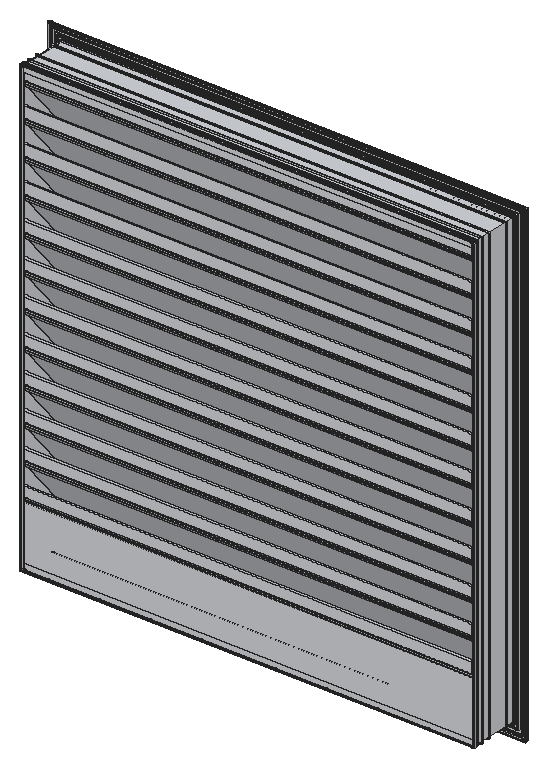
Revit family "NLRS_00_GM_Geluiddempend muurrooster_ST-448-225_Storax", category Generic Models, Revit 2021
Family settings
  Can host rebar = No
  Round Connector Dimension = Use Diameter
  Part Type = Normal
  Work Plane-Based = Yes
  Always vertical = No
  Cut with Voids When Loaded = Yes
  Shared = No
  Room Calculation Point = No
Parameters
  Width Rooster [instance] = (Width Hulp - Rooster Start - Rooster End)  # 1972 mm
  Width Hulp [instance] = if(Width < 200 mm, 200 mm, Width)  # 2000 mm
  Width [instance] = 2000 mm
  Type Comments = "ST-445-86"
  Thickness wall = 550 mm
  Thickness = 7.7 mm
  Rooster Start = 14 mm
  Rooster End = Rooster Start  # 14 mm
  WARNING [instance] = if(Blade Spacing > 150 mm, "LET OP MAXIMALE AFSTAND OVERSCHREDEN, NEEM CONTACT OP MET STORAX", "")  # ""
  Length Hoekprofiel [instance] = Width - Thickness * 2  # 1984.6 mm
  Height Rooster [instance] = (Height Hulp - 150 mm)  # 1850 mm
  Height Hulp [instance] = if(Height < 328.5 mm, 328.5 mm, Height)  # 2000 mm
  Height [instance] = 2000 mm
  Default Elevation = 1219.2 mm
  Blade Spacing [instance] = 150 mm
  Blade Offset Bottom [instance] = 11 mm
  Blade Number MODIFIER [instance] = -1
Reference planes
  plane 1 "Center (Front/Back)": y = 0
  plane 2 "Bottom": z = 0
  plane 3 "Left": x = 0
  plane 4 "Right": x = 2000
  plane 5: x = 14
  plane 6: x = 1986
  plane 7 "Top": z = 2000
Forms (mm)
  Sweep 1, solid
    path origin (0, 0, 0) x (1, 0, 0) y (0, 0, 1)
      loop
        line (0, 2000) -> (0, 0) -> (2000, 0) -> (2000, 2000) -> (0, 2000)
    profile "Profiel_ST-446-225 : Profiel_ST-446-225" origin (1000, 0, 2000) x (0, 0, 1) y (0, -1, 0)
      loop
        line (-1, 44.2) -> (-5.5, 44.2) -> (-5.5, 130.2) -> (-1, 130.2)
        arc (-1, 130.2) -> (-0.293, 130.493) -> (0, 131.2) r 1
        line (0, 131.2) -> (0, 134.1)
        arc (0, 134.1) -> (-0.293, 134.807) -> (-1, 135.1) r 1
        line (-1, 135.1) -> (-2.1, 135.1) -> (-2.1, 132.4) -> (-5.5, 132.4) -> (-5.5, 174.4) -> (-2.1, 174.4) -> (-2.1, 171.7) -> (-1, 171.7)
        arc (-1, 171.7) -> (-0.293, 171.993) -> (0, 172.7) r 1
        line (0, 172.7) -> (0, 175.6)
        arc (0, 175.6) -> (-0.293, 176.307) -> (-1, 176.6) r 1
        line (-1, 176.6) -> (-5.5, 176.6) -> (-5.5, 200.3) -> (-2.4, 200.3) -> (-2.4, 199.342)
        arc (-2.4, 199.342) -> (-1.994, 198.874) -> (-1.4, 198.7) r 1.1
        arc (-1.4, 198.7) -> (-0.693, 198.993) -> (-0.4, 199.7) r 1
        line (-0.4, 199.7) -> (-0.4, 203.2)
        arc (-0.4, 203.2) -> (-0.693, 203.907) -> (-1.4, 204.2) r 1
        line (-1.4, 204.2) -> (-2.4, 204.2) -> (-2.4, 202.3) -> (-5.7, 202.3) -> (-5.7, 212.7) -> (-2.35, 212.7) -> (-2.35, 210.8) -> (-1.4, 210.8)
        arc (-1.4, 210.8) -> (-0.693, 211.093) -> (-0.4, 211.8) r 1
        line (-0.4, 211.8) -> (-0.4, 218.7)
        arc (-0.4, 218.7) -> (-0.734, 219.446) -> (-1.513, 219.694) r 1
        arc (-1.513, 219.694) -> (-1.992, 219.554) -> (-2.2, 219.1) r 0.6
        line (-2.2, 219.1) -> (-2.2, 214.7) -> (-6.2, 214.7) -> (-6.2, 217.334)
        arc (-6.2, 217.334) -> (-6.2, 219.066) -> (-7.7, 218.2) r 1
        line (-7.7, 218.2) -> (-7.7, -10.8) -> (51.037, -10.8)
        arc (51.037, -10.8) -> (51.61, -10.619) -> (51.976, -10.142) r 1
        line (51.976, -10.142) -> (54.314, -3.719) -> (53.425, 1.326) -> (52.454, 1.172)
        arc (52.454, 1.172) -> (51.796, 0.765) -> (51.626, 0.011) r 1
        line (51.626, 0.011) -> (51.945, -1.8) -> (47.672, -1.8)
        arc (47.672, -1.8) -> (46.912, -2.15) -> (46.684, -2.956) r 1
        arc (46.684, -2.956) -> (46.588, -3.498) -> (47.047, -3.8) r 0.5
        line (47.047, -3.8) -> (52.156, -3.8) -> (50.336, -8.8) -> (36.049, -8.8) -> (36.049, -4.4) -> (37.151, -4.4)
        arc (37.151, -4.4) -> (37.607, -4.104) -> (37.524, -3.567) r 0.5
        arc (37.524, -3.567) -> (37.257, -2.817) -> (36.526, -2.5) r 1
        line (36.526, -2.5) -> (35.049, -2.5)
        arc (35.049, -2.5) -> (34.34, -2.794) -> (34.049, -3.504) r 1
        line (34.049, -3.504) -> (34.053, -4.6) -> (32.544, -4.6) -> (32.544, -6.6) -> (34.054, -6.6) -> (34.049, -8.8) -> (17.749, -8.8) -> (17.754, -6.6) -> (19.244, -6.6) -> (19.244, -4.6) -> (17.755, -4.6) -> (17.749, -0.998)
        arc (17.749, -0.998) -> (17.455, -0.292) -> (16.749, 0) r 1
        line (16.749, 0) -> (12.449, 0)
        arc (12.449, 0) -> (11.742, -0.293) -> (11.449, -1) r 1
        line (11.449, -1) -> (11.449, -2) -> (15.749, -2) -> (15.749, -8.8) -> (-1.439, -8.8)
        arc (-1.439, -8.8) -> (-2.1, -8.55) -> (-2.761, -8.8) r 1
        line (-2.761, -8.8) -> (-5.5, -8.8) -> (-5.5, -3)
        arc (-5.5, -3) -> (-5.207, -2.293) -> (-4.5, -2) r 1
        line (-4.5, -2) -> (3.349, -2) -> (3.349, -1)
        arc (3.349, -1) -> (3.056, -0.293) -> (2.349, 0) r 1
        line (2.349, 0) -> (0, 0) -> (0, 1.7)
        arc (0, 1.7) -> (-0.293, 2.407) -> (-1, 2.7) r 1
        line (-1, 2.7) -> (-2.1, 2.7) -> (-2.1, 0) -> (-5.5, 0) -> (-5.5, 42) -> (-2.1, 42) -> (-2.1, 39.3) -> (-1, 39.3)
        arc (-1, 39.3) -> (-0.293, 39.593) -> (0, 40.3) r 1
        line (0, 40.3) -> (0, 43.2)
        arc (0, 43.2) -> (-0.293, 43.907) -> (-1, 44.2) r 1
  Extrusion 2, solid
    sketch origin (654, -75, 22.894) x (0, 0, 1) y (0, -1, 0)
      loop
        line (-8.12, -79.9) -> (251.802, 138.2) -> (-13.194, 138.2) -> (-13.194, -79.9) -> (-8.12, -79.9)
    from -646.3 to 1338.3
  Extrusion 3, void
    sketch origin (0, 0, 0) x (1, 0, 0) y (0, 1, 0)
      loop
        line (2000, -550) -> (2000, 0) -> (0, 0) -> (0, -550) -> (2000, -550)
    from 0 to 2000
Dimensions and locks
  "Width": plane 4 "Right" to plane 3 "Left"
  "Rooster Start": plane 5 to plane 3 "Left"
  "Rooster End": plane 4 "Right" to plane 6
  "Height Hulp": plane 7 "Top" to level
  Sweep 1 to Sweep 1 = 1984.6 mm
  "Blade Offset Bottom": nested 1 to plane 2 "Bottom"
  "Thickness": Sweep 1 to plane 2 "Bottom"
  "Thickness wall": plane 1 "Center (Front/Back)" to Extrusion 3 sketch curve
  aligned and locked: level to plane 2 "Bottom"
  aligned and locked: nested 1 to plane 5
  aligned and locked: Sweep 1 to nested 3  (x3)
  aligned and locked: nested 5 to Sweep 1  (x3)
  aligned and locked: Sweep 1 to nested 4  (x3)
  aligned and locked: Extrusion 2 sketch curve to nested 2
  aligned and locked: Extrusion 2 to Sweep 1  (x2)
  aligned and locked: nested 2 to Sweep 1
  aligned and locked: plane 3 "Left" to Extrusion 3 sketch curve
  aligned and locked: Extrusion 3 sketch curve to plane 4 "Right"
  aligned and locked: plane 7 "Top" to Extrusion 3
  aligned and locked: Extrusion 3 to level
  aligned and locked: plane 1 "Center (Front/Back)" to Extrusion 3 sketch curve
Automatic sketch dimensions
  Sweep 1 sketch curve to level = 0 mm
  Sweep 1 sketch curve to plane 3 "Left" = 0 mm
  Sweep 1 sketch curve to plane 4 "Right" = 0 mm
  Sweep 1 sketch curve to plane 7 "Top" = 0 mm
  Extrusion 2 sketch curve to plane 1 "Center (Front/Back)" = 4.9 mm
  plane 1 "Center (Front/Back)" to Extrusion 2 sketch curve = 213.2 mm
  Extrusion 2 sketch curve to Extrusion 2 sketch curve = 5.074 mm
  Extrusion 2 sketch curve to Extrusion 2 sketch curve = 264.996 mm
Nested families
  nested 1: "NLRS_21_GM_Lamellenrooster_ST-448-225" at (1000, 8.8, 174.944) x (0, -1, 0) z (0, 0, 1), Blade Spacing <- "Blade Spacing", Blade Number MODIFIER <- "Blade Number MODIFIER", Length <- "Height Rooster", Width <- "Width Rooster", type "NLRS_21_GM_Lamellenrooster_ST-150-ACS"
    with Width 1972 mm, Length 1850 mm, Blade Spacing 150 mm, Blade Number MODIFIER -1, Blade Number 11
  nested 2: "NLRS_00_GM_Hoekprofiel 20x20x2" at (1992.3, -215.2, 7.7) x (-1, 0, 0) z (0, 0, 1), Length <- "Length Hoekprofiel", type "NLRS_00_GM_Hoekprofiel 20x20x2"
    with Length 1984.6 mm
  nested 3: "NLRS_00_GM_Hoekprofiel 20x20x2" at (1992.3, 6.9, 7.7) x (-1, 0, 0) z (0, 0, 1), Length <- "Length Hoekprofiel", type "NLRS_00_GM_Hoekprofiel 20x20x2"
    with Length 1984.6 mm
  nested 4: "NLRS_00_GM_Hoekprofiel 20x20x2" at (1992.3, -215.2, 1992.3) x (-1, 0, 0) z (0, 0, -1), Length <- "Length Hoekprofiel", type "NLRS_00_GM_Hoekprofiel 20x20x2"
    with Length 1984.6 mm
  nested 5: "NLRS_00_GM_Hoekprofiel 80x20x2" at (1992.3, 6.9, 1992.3) x (-1, 0, 0) z (0, 0, -1), Length <- "Length Hoekprofiel", type "NLRS_00_GM_Hoekprofiel 80x20x2"
    with Length 1984.6 mm
Definition of nested family "NLRS_21_GM_Lamellenrooster_ST-448-225"
  Parameters (values of type "NLRS_21_GM_Lamellenrooster_ST-150-ACS")
    Width [instance] = 600 mm
    Length [instance] = 1000 mm
    Default Elevation = 0 mm
    Blade Spacing [instance] = 147 mm
    Blade Number MODIFIER [instance] = -2
    Blade Number [instance] = (Length / Blade Spacing) + Blade Number MODIFIER  # 5
  Reference planes
    plane 1 "Center (Front/Back)": y = 0
    plane 2: z = 0
    plane 3 "Center (Left/Right)": x = 0
    plane 4: z = 1000
    plane 5: z = 0
    plane 6: z = 0
    plane 7: z = 150
    plane 8: z = 147
    plane 9: z = 297
    plane 10: z = 294
    plane 11: z = 444
    plane 12: z = 441
    plane 13: z = 591
    plane 14: z = 588
    plane 15: z = 738
  Dimensions and locks
    "Length": plane 4 to level
    equal spacing: group 1, group 2, group 3, group 4, group 5  (x3)
    "Blade Spacing": plane 8 to level
    aligned and locked: level to plane 2
  Nested families
    nested 1: "NLRS_00_GM_PRF_ST-448-225" at (0, 0, 0) x (0, -1, 0) z (0, 0, 1), Width <- "Width", type "NLRS_00_GM_PRF_Rooster"
      with Width 600 mm, Length 500 mm
    nested 2: "NLRS_00_GM_PRF_ST-448-225" at (0, 0, 147) x (0, -1, 0) z (0, 0, 1), Width <- "Width", type "NLRS_00_GM_PRF_Rooster"
      with Width 600 mm, Length 500 mm
    nested 3: "NLRS_00_GM_PRF_ST-448-225" at (0, 0, 294) x (0, -1, 0) z (0, 0, 1), Width <- "Width", type "NLRS_00_GM_PRF_Rooster"
      with Width 600 mm, Length 500 mm
    nested 4: "NLRS_00_GM_PRF_ST-448-225" at (0, 0, 441) x (0, -1, 0) z (0, 0, 1), Width <- "Width", type "NLRS_00_GM_PRF_Rooster"
      with Width 600 mm, Length 500 mm
    nested 5: "NLRS_00_GM_PRF_ST-448-225" at (0, 0, 588) x (0, -1, 0) z (0, 0, 1), Width <- "Width", type "NLRS_00_GM_PRF_Rooster"
      with Width 600 mm, Length 500 mm
    nested 6: "NLRS_00_GM_ST-448-225" at (0, 0, -163.944) x (0, -1, 0) z (0, 0, 1), Width <- "Width", type "NLRS_00_GM_PRF_ST-448-225"
      with Width 600 mm, Length 500 mm
  Definition of nested family "NLRS_00_GM_PRF_ST-448-225"
    Parameters (values of type "NLRS_00_GM_PRF_Rooster")
      Width [instance] = 900 mm
      Length [instance] = 500 mm
      Default Elevation = 0 mm
      Connector width = 232.51 mm
    Reference planes
      plane 1 "Center (Front/Back)": y = 0
      plane 2: z = 0
      plane 3 "Center (Left/Right)": x = 0
      plane 4: x = -450
      plane 5: x = 450
    Forms (mm)
      Sweep 1, solid
        path origin (0, 0, 0) x (1, 0, 0) y (0, 1, 0)
          loop
            line (450, 0) -> (-450, 0)
        profile "NLRS_00_GM_PRF_Akoestische Rooster : NLRS_00_GM_PRF_Akoestische Rooster" origin (0, 0, 0) x (0, -1, 0) y (0, 0, 1)
          loop
            line (0, 52.19) -> (0, 0.5)
            arc (0, 0.5) -> (0.259, 0.062) -> (0.767, 0.077) r 0.5
            line (0.767, 0.077) -> (1.9, 0.793) -> (1.9, 2.096)
            arc (1.9, 2.096) -> (2.099, 2.495) -> (2.537, 2.577) r 0.5
            arc (2.537, 2.577) -> (3.996, 2.477) -> (5.368, 2.982) r 3.5
            line (5.368, 2.982) -> (29.703, 18.345) -> (36.681, 26.661) -> (35.225, 27.882) -> (206.713, 232.253) -> (208.169, 231.032) -> (222.117, 247.655) -> (220.891, 248.684) -> (215.883, 242.715)
            arc (215.883, 242.715) -> (215.329, 242.566) -> (215, 243.036) r 0.5
            line (215, 243.036) -> (215, 252.553) -> (221.532, 260.337)
            arc (221.532, 260.337) -> (221.879, 260.939) -> (222, 261.623) r 2
            line (222, 261.623) -> (222, 309.281)
            arc (222, 309.281) -> (220.026, 312.1) -> (216.702, 311.209) r 3
            line (216.702, 311.209) -> (0.491, 53.539)
            arc (0.491, 53.539) -> (0.127, 52.908) -> (0, 52.19) r 2.1
    Dimensions and locks
      equal spacing: plane 5, plane 3 "Center (Left/Right)", plane 4
      "Width": plane 5 to plane 4
      aligned and locked: level to plane 2
      aligned and locked: plane 4 to Sweep 1 sketch curve
      aligned and locked: plane 5 to Sweep 1 sketch curve
    Automatic sketch dimensions
      plane 1 "Center (Front/Back)" to Sweep 1 sketch curve = 0 mm
  Definition of nested family "NLRS_00_GM_ST-448-225"
    Parameters (values of type "NLRS_00_GM_PRF_Rooster")
      Width [instance] = 900 mm
      Length [instance] = 500 mm
      Default Elevation = 0 mm
      Connector width = 232.51 mm
    Reference planes
      plane 1 "Center (Front/Back)": y = 0
      plane 2: z = 0
      plane 3 "Center (Left/Right)": x = 0
      plane 4: x = -450
      plane 5: x = 450
    Forms (mm)
      Sweep 1, solid
        path origin (0, 0, 0) x (1, 0, 0) y (0, 1, 0)
          loop
            line (450, 0) -> (-450, 0)
        profile "NLRS_00_GM_PRF_Akoestische Rooster : NLRS_00_GM_PRF_Akoestische Rooster" origin (0, 0, 0) x (0, -1, 0) y (0, 0, 1)
          loop
            line (0.883, 0.179) -> (1.9, 1.391) -> (1.9, 18.276)
            arc (1.9, 18.276) -> (2.099, 18.675) -> (2.538, 18.757) r 0.5
            arc (2.538, 18.757) -> (4.524, 18.775) -> (6.181, 19.872) r 3.5
            line (6.181, 19.872) -> (18.477, 34.525) -> (26.542, 34.525)
            arc (26.542, 34.525) -> (26.995, 34.237) -> (26.925, 33.704) r 0.5
            line (26.925, 33.704) -> (22.149, 28.012) -> (23.375, 26.984) -> (222.117, 263.835) -> (220.891, 264.864) -> (215.883, 258.895)
            arc (215.883, 258.895) -> (215.329, 258.746) -> (215, 259.216) r 0.5
            line (215, 259.216) -> (215, 268.733) -> (221.532, 276.517)
            arc (221.532, 276.517) -> (221.879, 277.119) -> (222, 277.803) r 2
            line (222, 277.803) -> (222, 325.461)
            arc (222, 325.461) -> (220.026, 328.28) -> (216.702, 327.389) r 3
            line (216.702, 327.389) -> (0, 69.134) -> (0, 0.5)
            arc (0, 0.5) -> (0.329, 0.03) -> (0.883, 0.179) r 0.5
    Dimensions and locks
      equal spacing: plane 5, plane 3 "Center (Left/Right)", plane 4
      "Width": plane 5 to plane 4
      aligned and locked: level to plane 2
      aligned and locked: plane 4 to Sweep 1 sketch curve
      aligned and locked: plane 5 to Sweep 1 sketch curve
    Automatic sketch dimensions
      plane 1 "Center (Front/Back)" to Sweep 1 sketch curve = 0 mm
Definition of nested family "NLRS_00_GM_Hoekprofiel 20x20x2"
  Parameters (values of type "NLRS_00_GM_Hoekprofiel 20x20x2")
    Length [instance] = 250 mm
    Default Elevation = 1219.2 mm
  Reference planes
    plane 1 "Center (Front/Back)": y = 0
    plane 2: z = 0
    plane 3 "Center (Left/Right)": x = 0
  Forms (mm)
    Extrusion 1, solid
      sketch origin (0, 0, 0) x (0, 1, 0) y (0, 0, 1)
        loop
          line (0, 22) -> (-2, 22) -> (-2, 2) -> (-20, 2) -> (-20, 0) -> (0, 0) -> (0, 22)
      from 0 to 250
  Dimensions and locks
    "Length": plane 3 "Center (Left/Right)" to Extrusion 1
    aligned and locked: level to plane 2
  Automatic sketch dimensions
    Extrusion 1 sketch curve to level = 0 mm
    Extrusion 1 sketch curve to plane 1 "Center (Front/Back)" = 0 mm
    plane 1 "Center (Front/Back)" to Extrusion 1 sketch curve = 2 mm
    Extrusion 1 sketch curve to Extrusion 1 sketch curve = 18 mm
    level to Extrusion 1 sketch curve = 2 mm
    Extrusion 1 sketch curve to Extrusion 1 sketch curve = 20 mm
Definition of nested family "NLRS_00_GM_Hoekprofiel 80x20x2"
  Parameters (values of type "NLRS_00_GM_Hoekprofiel 80x20x2")
    Length [instance] = 250 mm
    Default Elevation = 1219.2 mm
  Reference planes
    plane 1 "Center (Front/Back)": y = 0
    plane 2: z = 0
    plane 3 "Center (Left/Right)": x = 0
  Forms (mm)
    Extrusion 1, solid
      sketch origin (0, 0, 0) x (0, 1, 0) y (0, 0, 1)
        loop
          line (0, 80) -> (-2, 80) -> (-2, 2) -> (-20, 2) -> (-20, 0) -> (0, 0) -> (0, 80)
      from 0 to 250
  Dimensions and locks
    "Length": plane 3 "Center (Left/Right)" to Extrusion 1
    Extrusion 1 to level = 80 mm
    aligned and locked: level to plane 2
  Automatic sketch dimensions
    Extrusion 1 sketch curve to level = 0 mm
    Extrusion 1 sketch curve to plane 1 "Center (Front/Back)" = 0 mm
    plane 1 "Center (Front/Back)" to Extrusion 1 sketch curve = 2 mm
    Extrusion 1 sketch curve to Extrusion 1 sketch curve = 18 mm
    level to Extrusion 1 sketch curve = 2 mm
    Extrusion 1 sketch curve to Extrusion 1 sketch curve = 78 mm
